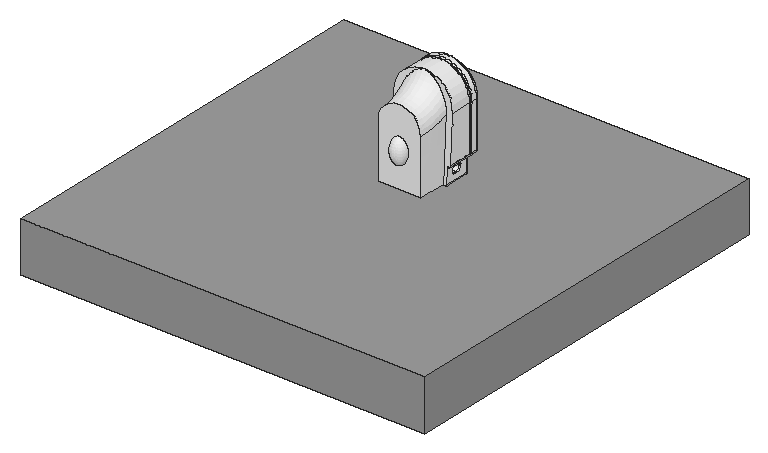
Revit family
Parameters
  Width = 355 mm  # constant formula
  Waste Connection Radius = Waste Connection Diameter / 2  # 51 mm
  Waste Connection = 1 = 1  # yes
  Vent Connection = 1 = 0  # no
  URL = "www.vaalsan.co.za"
  Seat Finish = Plastic-Vaal-White
  Product Code = "439200WH"
  Omniclass Title = "Water Operated Water Closets"
  Omniclass Number = "23.45.05.21.11.11"
  Model = "Xtacy Wall Hung Pan"
  Manufacturer = "Vaal Sanitaryware"  # constant formula
  Length = 570 mm  # constant formula
  Height Pan To Finish Floor = 430 mm
  Height = 365 mm  # constant formula
  HW Connection = 1 = 0  # no
  Family created by = "www.rbuiltcomponents.com"
  Default Elevation = 0 mm
  Cold Water Connection Diameter = 55 mm  # constant formula
  Waste Connection Diameter = 102 mm  # constant formula
  CW Connection Radius = Cold Water Connection Diameter / 2  # 27.5 mm
  CW Connection = 1 = 1  # yes
  Body Finish = Vitreous China-Vaal-White
  Assembly Code = "D2010110"
Reference planes
  plane 1 "FF": y = 0
  plane 2: z = 0
  plane 3 "Center (Left/Right)": x = 0
  plane 4: z = 0
  plane 5: y = 430
  plane 6 "45 2": through (-1219.2, -1219.2, 0) normal (-0.5, -0.5, 0.7071)
  plane 7: x = -177.5
  plane 8: x = 177.5
  plane 9: y = 65
Forms (mm)
  Extrusion 1, solid
    sketch origin (0, 0, 0) x (1, 0, 0) y (0, 1, 0)
      loop
        line (-1219.2, 1219.2) -> (-1219.2, -1219.2) -> (1219.2, -1219.2) -> (1219.2, 1219.2) -> (-1219.2, 1219.2)
    from 0 to -304.8
Lines and regions (mm)
  symbolic lines
    curve 1: line (-177.5, 0, 0) -> (177.5, 0, 0)
Dimensions and locks
  "Height Pan To Finish Floor": plane 1 "FF" to plane 5
  locked: connector elem to plane 3 "Center (Left/Right)"  (x2)
  equal spacing: plane 7, plane 3 "Center (Left/Right)", plane 8
  locked: plane 7 to plane 8 at 355
  locked: plane 9 to plane 5 at 365
  locked: plane 5 to connector elem at 63
  locked: plane 5 to connector elem at 198
  aligned and locked: plane 2 to Extrusion 1
  aligned and locked: level to Extrusion 1
  aligned and locked: plane 4 to nested 1
  aligned and locked: plane 5 to nested 1
  aligned and locked: plane 7 to curve 1
  aligned and locked: plane 8 to curve 1
  aligned and locked: plane 1 "FF" to curve 1
Automatic sketch dimensions
  Extrusion 1 sketch curve to Extrusion 1 sketch curve = 2438.4 mm  (x2)
Nested families
  nested 1: "Vaal-Xtacy_WHP" at (0, 0, 0) x (-1, 0, 0) z (0, 1, 0), type "Vaal-Xtacy_WHP"
Connectors
  piping at (0, 232, 0), driven by "Waste Connection Radius"
    settings: on Extrusion 1, index 1
  piping at (0, 367, 0), driven by "CW Connection Radius"
    settings: on Extrusion 1, index 2
Definition of nested family "Vaal-Xtacy_WHP"
  Parameters
    Waste Connection Radius = 51 mm
    Seat Finish = Plastic-Vaal-White
    Height Pan Top = 430 mm
    Default Elevation = 0 mm
    CW Connection Radius = 27.5 mm
    Body Finish = Vitreous China-Vaal-White
  Reference planes
    plane 1 "Back": y = 0
    plane 2 "Bottom": z = 0
    plane 3 "Center (Left/Right)": x = 0
    plane 4 "Top": z = 430
    plane 5 "Front": y = -570
    plane 6: y = -458
    plane 7 "Left": x = -177.5
    plane 8 "Right": x = 177.5
    plane 9: z = 65
    plane 10 "Revolve": z = 115
    plane 11: x = -127.5
    plane 12: x = 127.5
  Forms (mm)
    Revolve 1, solid, material "Vitreous China-Vaal-White" <- "Body Finish"
      sketch origin (0, 0, 15) x (0, 1, 0) y (0, 0, 1)
        loop
          line (-130, 100) -> (-295, 100)
          spline (-295, 100) -> (-292.189, 87.059) -> (-283.947, 75) -> (-270.836, 64.645) -> (-253.75, 56.699) -> (-233.853, 51.704) -> (-212.5, 50) -> (-191.147, 51.704) -> (-171.25, 56.699) -> (-154.164, 64.645) -> (-141.053, 75) -> (-132.811, 87.059) -> (-130, 100)
        axis (-130, 100) -> (-295, 100)
      angle from -90 to 90
    Extrusion 2, solid, material "Plastic-Vaal-White" <- "Seat Finish"
      sketch origin (0, 0, 430) x (-1, 0, 0) y (0, -1, 0)
        loop
          arc (167.5, 105) -> (174.571, 107.929) -> (177.5, 115) r 10
          line (177.5, 115) -> (177.5, 392.5)
          arc (177.5, 392.5) -> (0, 570) -> (-177.5, 392.5) r 177.5
          line (-177.5, 392.5) -> (-177.5, 115)
          arc (-177.5, 115) -> (-174.571, 107.929) -> (-167.5, 105) r 10
          line (-167.5, 105) -> (167.5, 105)
      from 5 to 50
    SweptBlend 3, solid, material "Vitreous China-Vaal-White" <- "Body Finish"
      path origin (0, 0, 0) x (0, 1, 0) y (0, 0, 1)
        loop
          arc (-570, 300) -> (-488.181, 223.131) -> (-458, 115) r 208.79
      profile origin (0, -570, 300) x (0, 0.463576, 0.886057) y (1, 0, 0)
        loop
          line (600, -147.5) -> (600, 147.5) -> (147.5, 147.5)
          arc (147.5, 147.5) -> (0, 0) -> (147.5, -147.5) r 147.5
          line (147.5, -147.5) -> (600, -147.5)
      end profile origin (0, -458, 115) x (1, 0, 0) y (0, 1, 0)
        loop
          line (-127.5, 600) -> (-127.5, 127.5)
          arc (-127.5, 127.5) -> (0, 0) -> (127.5, 127.5) r 127.5
          line (127.5, 127.5) -> (127.5, 600) -> (-127.5, 600)
    Extrusion 4, void
      sketch origin (0, 0, 0) x (0, 1, 0) y (0, 0, 1)
        loop
          line (0, 277.5) -> (0, 65) -> (166.668, 65) -> (197.151, 850.284) -> (-612.239, 881.702) -> (-634.737, 302.139) -> (0, 277.5)
      from -300 to 260.433
    Extrusion 5, solid, material "Vitreous China-Vaal-White" <- "Body Finish"
      sketch origin (0, 0, 430) x (-1, 0, 0) y (0, -1, 0)
        loop
          line (177.5, 115) -> (177.5, 392.5)
          arc (177.5, 392.5) -> (0, 570) -> (-177.5, 392.5) r 177.5
          line (-177.5, 392.5) -> (-177.5, 115)
          arc (-177.5, 115) -> (-174.571, 107.929) -> (-167.5, 105) r 10
          arc (-167.5, 105) -> (-160.429, 102.071) -> (-157.5, 95) r 10
          line (-157.5, 95) -> (-157.5, 10)
          arc (-157.5, 10) -> (-154.571, 2.929) -> (-147.5, 0) r 10
          line (-147.5, 0) -> (147.5, 0)
          arc (147.5, 0) -> (154.571, 2.929) -> (157.5, 10) r 10
          line (157.5, 10) -> (157.5, 95)
          arc (157.5, 95) -> (160.429, 102.071) -> (167.5, 105) r 10
          arc (167.5, 105) -> (174.571, 107.929) -> (177.5, 115) r 10
      from -165.019 to 0
    Extrusion 6, void
      sketch origin (0, 0, 0) x (0, 1, 0) y (0, 0, 1)
        loop
          line (0, 277.5) -> (-634.737, 302.139) -> (-644.046, 62.319) -> (0, 37.319) -> (0, 277.5)
      from -300 to 260.433
    Sweep 7, void
      path in 3D
        loop
          arc (-147.5, 0, 430) -> (-154.571, -2.929, 430) -> (-157.5, -10, 430) r 10
          line (-157.5, -10, 430) -> (-157.5, -95, 430)
          arc (-157.5, -95, 430) -> (-160.429, -102.071, 430) -> (-167.5, -105, 430) r 10
          arc (-167.5, -105, 430) -> (-174.571, -107.929, 430) -> (-177.5, -115, 430) r 10
          line (-177.5, -115, 430) -> (-177.5, -392.5, 430)
          arc (-177.5, -392.5, 430) -> (0, -570, 430) -> (177.5, -392.5, 430) r 177.5
          line (177.5, -392.5, 430) -> (177.5, -115, 430)
          arc (177.5, -115, 430) -> (174.571, -107.929, 430) -> (167.5, -105, 430) r 10
          arc (167.5, -105, 430) -> (160.429, -102.071, 430) -> (157.5, -95, 430) r 10
          line (157.5, -95, 430) -> (157.5, -10, 430)
          arc (157.5, -10, 430) -> (154.571, -2.929, 430) -> (147.5, 0, 430) r 10
          line (147.5, 0, 430) -> (-147.5, 0, 430)
      profile origin (0, 0, 430) x (0, -1, 0) y (0, 0, 1)
        loop
          line (0, 0) -> (0, -8)
          arc (0, -8) -> (2.343, -2.343) -> (8, 0) r 8
          line (8, 0) -> (0, 0)
    Sweep 8, void
      path in 3D
        loop
          arc (-167.5, -105, 480) -> (-174.571, -107.929, 480) -> (-177.5, -115, 480) r 10
          line (-177.5, -115, 480) -> (-177.5, -392.5, 480)
          arc (-177.5, -392.5, 480) -> (0, -570, 480) -> (177.5, -392.5, 480) r 177.5
          line (177.5, -392.5, 480) -> (177.5, -115, 480)
          arc (177.5, -115, 480) -> (174.571, -107.929, 480) -> (167.5, -105, 480) r 10
          line (167.5, -105, 480) -> (-167.5, -105, 480)
      profile origin (0, -105, 480) x (0, -1, 0) y (0, 0, 1)
        loop
          line (5, 0) -> (-2, 0) -> (-2, -45) -> (5, -45)
          arc (5, -45) -> (1.464, -43.536) -> (0, -40) r 5
          line (0, -40) -> (0, -5)
          arc (0, -5) -> (1.464, -1.464) -> (5, 0) r 5
    Sweep 9, void
      path origin (0, 0, 0) x (0, 1, 0) y (0, 0, 1)
        loop
          line (-40, 335) -> (-40, 355)
          arc (-40, 355) -> (-65, 380) -> (-90, 355) r 25
          line (-90, 355) -> (-90, 335)
          arc (-90, 335) -> (-65, 310) -> (-40, 335) r 25
      profile origin (0, -40, 345) x (0, -1, 0) y (1, 0, 0)
        loop
          arc (5, -152.5) -> (3.536, -156.036) -> (0, -157.5) r 5
          line (0, -157.5) -> (24, -157.5) -> (24, -107.5) -> (5, -107.5) -> (5, -152.5)
        loop
          line (5, 152.5) -> (5, 107.5) -> (24, 107.5) -> (24, 157.5) -> (0, 157.5)
          arc (0, 157.5) -> (3.536, 156.036) -> (5, 152.5) r 5
    Extrusion 10, void
      sketch origin (0, 0, 430) x (-1, 0, 0) y (0, -1, 0)
        loop
          line (164.387, 62.227) -> (164.387, 68.706) -> (107.5, 68.706) -> (107.5, 62.227) -> (164.387, 62.227)
        loop
          line (-164.387, 62.227) -> (-107.5, 62.227) -> (-107.5, 68.706) -> (-164.387, 68.706) -> (-164.387, 62.227)
      from -100 to -70
    Revolve 11, solid, material "Vitreous China-Vaal-White" <- "Body Finish"
      sketch origin (0, 0, 115) x (-1, 0, 0) y (0, -1, 0)
        loop
          spline (0, 135) -> (12.941, 137.556) -> (25, 145.048) -> (35.355, 156.967) -> (43.301, 172.5) -> (48.296, 190.589) -> (50, 210) -> (48.296, 229.411) -> (43.301, 247.5) -> (35.355, 263.033) -> (25, 274.952) -> (12.941, 282.444) -> (0, 285)
          line (0, 285) -> (0, 135)
        axis (0, 135) -> (0, 285)
      angle from 0 to 360
  Cuts and joins
    Extrusion 6 cuts Revolve 1
    Extrusion 4 cuts SweptBlend 3
    joined: SweptBlend 3, Revolve 11
    Extrusion 6, Sweep 7, Sweep 9, Extrusion 10 cuts Extrusion 5
    Sweep 8 cuts Extrusion 2
  Lines and regions (mm)
    Masking region 1
      outline origin (0, 0, 0) x (1, 0, 0) y (0, 1, 0)
        loop
          arc (-147.5, 0) -> (-154.571, -2.929) -> (-157.5, -10) r 10
          line (-157.5, -10) -> (-157.5, -95)
          arc (-157.5, -95) -> (-160.429, -102.071) -> (-167.5, -105) r 10
          arc (-167.5, -105) -> (-174.571, -107.929) -> (-177.5, -115) r 10
          line (-177.5, -115) -> (-177.5, -392.5)
          arc (-177.5, -392.5) -> (0, -570) -> (177.5, -392.5) r 177.5
          line (177.5, -392.5) -> (177.5, -115)
          arc (177.5, -115) -> (174.571, -107.929) -> (167.5, -105) r 10
          arc (167.5, -105) -> (160.429, -102.071) -> (157.5, -95) r 10
          line (157.5, -95) -> (157.5, -10)
          arc (157.5, -10) -> (154.571, -2.929) -> (147.5, 0) r 10
          line (147.5, 0) -> (-147.5, 0)
    Masking region 2
      outline origin (0, 0, 0) x (1, 0, 0) y (0, 0, 1)
        loop
          arc (-172.5, 480) -> (-176.036, 478.536) -> (-177.5, 475) r 5
          line (-177.5, 475) -> (-177.5, 288)
          arc (-177.5, 288) -> (-174.571, 280.929) -> (-167.5, 278) r 10
          line (-167.5, 278) -> (-147.791, 278)
          arc (-147.791, 278) -> (-140.953, 275.297) -> (-137.812, 268.649) r 10
          line (-137.812, 268.649) -> (-128.126, 119.676)
          arc (-128.126, 119.676) -> (-126.556, 116.352) -> (-123.137, 115) r 5
          line (-123.137, 115) -> (-60, 115)
          arc (-60, 115) -> (0, 65.951) -> (60, 115) r 61.223
          line (60, 115) -> (123.137, 115)
          arc (123.137, 115) -> (126.556, 116.352) -> (128.126, 119.676) r 5
          line (128.126, 119.676) -> (137.812, 268.649)
          arc (137.812, 268.649) -> (140.953, 275.297) -> (147.791, 278) r 10
          line (147.791, 278) -> (167.5, 278)
          arc (167.5, 278) -> (174.571, 280.929) -> (177.5, 288) r 10
          line (177.5, 288) -> (177.5, 475)
          arc (177.5, 475) -> (176.036, 478.536) -> (172.5, 480) r 5
          line (172.5, 480) -> (-172.5, 480)
    Masking region 3
      outline origin (0, 0, 0) x (0, 1, 0) y (0, 0, 1)
        loop
          line (0, 265) -> (0, 430) -> (-105, 430) -> (-105, 475)
          arc (-105, 475) -> (-106.464, 478.536) -> (-110, 480) r 5
          line (-110, 480) -> (-565, 480)
          arc (-565, 480) -> (-568.536, 478.536) -> (-570, 475) r 5
          line (-570, 475) -> (-570, 297.904)
          arc (-570, 297.904) -> (-569.332, 295.407) -> (-567.506, 293.577) r 5
          arc (-567.506, 293.577) -> (-491.379, 220.113) -> (-458.3, 119.623) r 220.202
          arc (-458.3, 119.623) -> (-456.714, 116.334) -> (-453.315, 115) r 5
          line (-453.315, 115) -> (-289.835, 115)
          spline (-289.835, 115) -> (-283.539, 101.338) -> (-273.756, 89.131) -> (-260.956, 78.966) -> (-245.759, 71.334) -> (-228.894, 66.603) -> (-211.176, 65) -> (-193.458, 66.603) -> (-176.593, 71.334) -> (-161.395, 78.966) -> (-148.596, 89.131) -> (-138.813, 101.338) -> (-132.517, 115)
          line (-132.517, 115) -> (0, 115) -> (0, 265)
    symbolic lines, style "Water Closet", detail levels fine
      curve 1: line (-170, -105.318, 0) -> (170, -105.318, 0)
      curve 3: line (177.5, 0, 437) -> (-177.5, 0, 437)
      curve 4: line (-60, 0, 115) -> (60, 0, 115)
      curve 5: line (0, -105, 437) -> (0, -570, 437)
      curve 8: line (0, -132.517, 115) -> (0, -289.835, 115)
      curve 33: arc (-177.482, 0, 287.736) -> (0.018, 0, 299.143) -> (177.518, 0, 287.736) r 1386.739
      curve 34: line (0, -105, 430) -> (0, -105, 282.007)
      curve 35: line (0, -37, 337.5) -> (0, -37, 352.5)
      curve 36: line (0, -92, 352.5) -> (0, -92, 337.5)
      curve 37: arc (0, -37, 352.5) -> (0, -64.5, 380) -> (0, -92, 352.5) r 27.5
      curve 38: arc (0, -37, 337.5) -> (0, -64.5, 310) -> (0, -92, 337.5) r 27.5
    symbolic lines, style "Water Closet"
      curve 2: line (177.5, 0, 430) -> (-177.5, 0, 430)
      curve 6: line (0, -570, 300.057) -> (0, 2.673, 277.828)
      curve 7: line (0, -105, 430) -> (0, -570, 430)
    symbolic lines, style "Fixing"
      curve 9: line (120, 0, 333) -> (80, 0, 333)
      curve 10: line (100, 0, 313) -> (100, 0, 353)
      curve 11: line (-120, 0, 333) -> (-80, 0, 333)
      curve 12: line (-100, 0, 313) -> (-100, 0, 353)
      curve 13: line (0, 40.236, 333) -> (0, -64.764, 333)
    reference lines
      curve 14: line (0, 0, 277.5) -> (0, -570, 299.626)
    sketch lines
      curve 15: line (147.5, 0, 430) -> (-147.5, 0, 430)
      curve 16: arc (147.5, 0, 430) -> (154.571, -2.929, 430) -> (157.5, -10, 430) r 10
      curve 17: line (157.5, -95, 430) -> (157.5, -10, 430)
      curve 18: arc (157.5, -95, 430) -> (160.429, -102.071, 430) -> (167.5, -105, 430) r 10
      curve 19: arc (167.5, -105, 430) -> (174.571, -107.929, 430) -> (177.5, -115, 430) r 10
      curve 20: line (177.5, -392.5, 430) -> (177.5, -115, 430)
      curve 21: arc (-157.5, -10, 430) -> (-154.571, -2.929, 430) -> (-147.5, 0, 430) r 10
      curve 22: line (-157.5, -10, 430) -> (-157.5, -95, 430)
      curve 23: arc (-167.5, -105, 430) -> (-160.429, -102.071, 430) -> (-157.5, -95, 430) r 10
      curve 24: arc (-177.5, -115, 430) -> (-174.571, -107.929, 430) -> (-167.5, -105, 430) r 10
      curve 25: line (-177.5, -115, 430) -> (-177.5, -392.5, 430)
      curve 26: arc (177.5, -392.5, 430) -> (0, -570, 430) -> (-177.5, -392.5, 430) r 177.5
      curve 27: line (167.5, -105, 480) -> (-167.5, -105, 480)
      curve 28: arc (-177.5, -115, 480) -> (-174.571, -107.929, 480) -> (-167.5, -105, 480) r 10
      curve 29: line (-177.5, -115, 480) -> (-177.5, -392.5, 480)
      curve 30: arc (177.5, -392.5, 480) -> (0, -570, 480) -> (-177.5, -392.5, 480) r 177.5
      curve 31: line (177.5, -392.5, 480) -> (177.5, -115, 480)
      curve 32: arc (167.5, -105, 480) -> (174.571, -107.929, 480) -> (177.5, -115, 480) r 10
  Dimensions and locks
    "Height Pan Top": plane 4 "Top" to plane 2 "Bottom"
    plane 4 "Top" to plane 2 "Bottom" = 430 mm
    Extrusion 2 sketch curve to plane 1 "Back" = 105 mm
    locked: Masking region 2 sketch curve to plane 4 "Top" at 50
    curve 12 to plane 3 "Center (Left/Right)" to curve 10 = 100 mm locked, 100 mm locked
    locked: plane 2 "Bottom" to curve 11 at 333
    locked: plane 2 "Bottom" to curve 13 at 333
    locked: plane 6 to plane 1 "Back" at 458
    locked: plane 5 "Front" to plane 1 "Back" at 570
    equal spacing: plane 7 "Left", plane 3 "Center (Left/Right)", plane 8 "Right"
    locked: plane 7 "Left" to plane 8 "Right" at 355
    plane 4 "Top" to plane 10 "Revolve" to plane 9 = 315 mm locked, 50 mm locked
    equal spacing: plane 11, plane 3 "Center (Left/Right)", plane 12
    locked: plane 11 to plane 12 at 255
    plane 4 "Top" to curve 14 = 130.374 mm
    plane 4 "Top" to curve 14 = 152.5 mm
    curve 14 to plane 10 "Revolve" = 162.5 mm
    aligned and locked: plane 1 "Back" to Masking region 1 sketch curve
    aligned and locked: curve 4 to Masking region 2
    aligned and locked: Masking region 2 to curve 4
    aligned and locked: Masking region 3 to curve 5
    aligned and locked: curve 11 to curve 9
    aligned and locked: plane 12 to SweptBlend 3 sketch curve
    aligned and locked: SweptBlend 3 sketch curve to plane 11
    aligned and locked: cut or joined group of Extrusion 6 to plane 10 "Revolve"
    aligned and locked: plane 8 "Right" to Extrusion 5 sketch curve
    aligned and locked: plane 4 "Top" to Extrusion 5
    aligned and locked: plane 7 "Left" to Extrusion 2 sketch curve
    aligned and locked: Extrusion 2 sketch curve to plane 8 "Right"
    aligned and locked: plane 7 "Left" to Masking region 1 sketch curve
    aligned and locked: Masking region 1 sketch curve to plane 8 "Right"
    aligned and locked: plane 7 "Left" to Masking region 2 sketch curve
    aligned and locked: plane 7 "Left" to curve 2
    aligned and locked: plane 8 "Right" to curve 2
    aligned and locked: plane 7 "Left" to curve 3
    aligned and locked: plane 8 "Right" to curve 3
    aligned and locked: Masking region 3 sketch curve to plane 5 "Front"
    aligned and locked: plane 10 "Revolve" to Masking region 3 sketch curve
    aligned and locked: curve 8 to plane 10 "Revolve"
    aligned and locked: plane 4 "Top" to curve 7
    aligned and locked: plane 5 "Front" to curve 5
    aligned and locked: curve 34 to Masking region 3
  Automatic sketch dimensions
    plane 7 "Left" to curve 1 = 7.5 mm
    curve 1 to plane 8 "Right" = 7.5 mm
    Revolve 1 sketch curve to plane 10 "Revolve" = 0 mm  (x2)
    Revolve 1 sketch curve to plane 6 = 163 mm
    Revolve 1 sketch curve to Revolve 1 sketch curve = 0 mm  (x2)
    Revolve 1 sketch curve to Revolve 1 sketch curve = 82.5 mm
    plane 11 to curve 11 = 7.5 mm
    curve 12 to curve 11 = 20 mm  (x2)
    curve 9 to curve 10 = 20 mm  (x2)
    curve 9 to plane 12 = 7.5 mm
    curve 10 to curve 9 = 20 mm
    curve 11 to curve 12 = 20 mm
    plane 1 "Back" to curve 13 = 64.764 mm
    curve 13 to plane 1 "Back" = 40.236 mm
    curve 14 to plane 5 "Front" = 0 mm
    curve 14 to plane 1 "Back" = 0 mm
    SweptBlend 3 sketch curve to plane 10 "Revolve" = 0 mm
    SweptBlend 3 sketch curve to plane 5 "Front" = 0 mm
    SweptBlend 3 sketch curve to plane 6 = 0 mm
    plane 5 "Front" to SweptBlend 3 sketch curve = 96.79 mm
    SweptBlend 3 sketch curve to profile plane = 127.5 mm
    SweptBlend 3 sketch curve to SweptBlend 3 sketch curve = 472.5 mm
    SweptBlend 3 sketch curve to plane 3 "Center (Left/Right)" = 0 mm
    SweptBlend 3 sketch curve to profile plane = 147.5 mm
    SweptBlend 3 sketch curve to plane 3 "Center (Left/Right)" = 147.5 mm
    SweptBlend 3 sketch curve to SweptBlend 3 sketch curve = 452.5 mm
    Extrusion 4 sketch curve to plane 1 "Back" = 0 mm
    Extrusion 4 sketch curve to plane 9 = 0 mm
    plane 5 "Front" to Extrusion 4 sketch curve = 42.239 mm
    plane 5 "Front" to Extrusion 4 sketch curve = 64.737 mm
    Extrusion 4 sketch curve to Extrusion 4 sketch curve = 166.668 mm
    Extrusion 4 sketch curve to plane 1 "Back" = 197.151 mm
    Extrusion 4 sketch curve to Extrusion 4 sketch curve = 212.5 mm
    Extrusion 5 sketch curve to plane 1 "Back" = 0 mm
    Extrusion 5 sketch curve to plane 3 "Center (Left/Right)" = 0 mm
    Extrusion 5 sketch curve to plane 8 "Right" = 10 mm
    Extrusion 5 sketch curve to Extrusion 5 sketch curve = 10 mm  (x3)
    plane 1 "Back" to Extrusion 5 sketch curve = 10 mm
    Extrusion 5 sketch curve to plane 11 = 20 mm
    Extrusion 5 sketch curve to Extrusion 5 sketch curve = 0 mm  (x3)
    Extrusion 5 sketch curve to Extrusion 5 sketch curve = 85 mm  (x2)
    Extrusion 5 sketch curve to plane 6 = 65.5 mm
    Extrusion 6 sketch curve to plane 1 "Back" = 0 mm
    plane 5 "Front" to Extrusion 6 sketch curve = 64.737 mm
    Extrusion 6 sketch curve to plane 9 = 2.681 mm
    plane 5 "Front" to Extrusion 6 sketch curve = 74.046 mm
    level to Extrusion 6 sketch curve = 37.319 mm
    Sweep 7 sketch curve to profile plane = 0 mm  (x4)
    Sweep 7 sketch curve to Sweep 7 sketch curve = 8 mm  (x3)
    Extrusion 2 sketch curve to plane 8 "Right" = 10 mm
    plane 7 "Left" to Extrusion 2 sketch curve = 10 mm
    Extrusion 2 sketch curve to plane 6 = 65.5 mm
    Sweep 8 sketch curve to profile plane = 0 mm  (x3)
    profile plane to Sweep 8 sketch curve = 2 mm
    Sweep 8 sketch curve to profile plane = 5 mm  (x2)
    Sweep 8 sketch curve to Sweep 8 sketch curve = 7 mm
    Sweep 8 sketch curve to Sweep 8 sketch curve = 0 mm  (x2)
    Sweep 8 sketch curve to Sweep 8 sketch curve = 35 mm
    plane 1 "Back" to Sweep 9 sketch curve = 90 mm
    Sweep 9 sketch curve to Sweep 9 sketch curve = 25 mm
    Sweep 9 sketch curve to plane 4 "Top" = 95 mm
    Sweep 9 sketch curve to Sweep 9 sketch curve = 20 mm
    Sweep 9 sketch curve to profile plane = 0 mm  (x4)
    Sweep 9 sketch curve to profile plane = 5 mm
    Sweep 9 sketch curve to Sweep 9 sketch curve = 5 mm  (x2)
    Sweep 9 sketch curve to Sweep 9 sketch curve = 19 mm  (x2)
    Sweep 9 sketch curve to plane 3 "Center (Left/Right)" = 157.5 mm
    Sweep 9 sketch curve to Sweep 9 sketch curve = 45 mm  (x2)
    plane 3 "Center (Left/Right)" to Sweep 9 sketch curve = 107.5 mm
    Sweep 9 sketch curve to Sweep 9 sketch curve = 0 mm
    Extrusion 10 sketch curve to plane 8 "Right" = 13.113 mm
    Extrusion 10 sketch curve to plane 12 = 20 mm
    plane 11 to Extrusion 10 sketch curve = 20 mm
    plane 7 "Left" to Extrusion 10 sketch curve = 13.113 mm
    plane 1 "Back" to Extrusion 10 sketch curve = 62.227 mm  (x2)
    Extrusion 10 sketch curve to Extrusion 10 sketch curve = 6.479 mm  (x2)
    plane 7 "Left" to Masking region 1 sketch curve = 10 mm
    plane 1 "Back" to Masking region 1 sketch curve = 10 mm
    plane 7 "Left" to Masking region 1 sketch curve = 20 mm
    plane 12 to Masking region 1 sketch curve = 20 mm
    Masking region 1 sketch curve to plane 8 "Right" = 20 mm
    Masking region 1 sketch curve to plane 8 "Right" = 10 mm
    Masking region 1 sketch curve to Masking region 1 sketch curve = 85 mm  (x2)
    Masking region 1 sketch curve to Masking region 1 sketch curve = 0 mm  (x2)
    Masking region 1 sketch curve to plane 6 = 65.5 mm
    plane 1 "Back" to curve 1 = 105.318 mm
    Masking region 2 sketch curve to plane 10 "Revolve" = 0 mm  (x2)
    Masking region 2 sketch curve to plane 3 "Center (Left/Right)" = 0 mm
    Masking region 2 sketch curve to plane 8 "Right" = 0 mm
    plane 7 "Left" to Masking region 2 sketch curve = 5 mm
    plane 7 "Left" to Masking region 2 sketch curve = 10 mm
    Masking region 2 sketch curve to Masking region 2 sketch curve = 19.709 mm
    Masking region 2 sketch curve to Masking region 2 sketch curve = 9.979 mm  (x2)
    Masking region 2 sketch curve to plane 11 = 0.626 mm
    plane 11 to Masking region 2 sketch curve = 4.363 mm
    Masking region 2 sketch curve to plane 3 "Center (Left/Right)" = 60 mm
    Masking region 2 sketch curve to plane 12 = 4.363 mm
    plane 12 to Masking region 2 sketch curve = 0.626 mm
    plane 12 to Masking region 2 sketch curve = 10.312 mm
    Masking region 2 sketch curve to plane 8 "Right" = 10 mm
    Masking region 2 sketch curve to plane 8 "Right" = 5 mm
    plane 10 "Revolve" to Masking region 2 sketch curve = 4.676 mm  (x2)
    plane 10 "Revolve" to Masking region 2 sketch curve = 12.174 mm
    Masking region 2 sketch curve to Masking region 2 sketch curve = 148.324 mm  (x2)
    Masking region 2 sketch curve to Masking region 2 sketch curve = 0.649 mm  (x2)
    curve 2 to plane 4 "Top" = 0 mm
    plane 7 "Left" to curve 33 = 0.018 mm
    plane 3 "Center (Left/Right)" to curve 33 = 0.018 mm
    plane 3 "Center (Left/Right)" to curve 4 = 60 mm
    plane 8 "Right" to curve 33 = 0.018 mm
    curve 33 to level = 1087.596 mm
    curve 33 to plane 4 "Top" = 142.264 mm
    plane 4 "Top" to curve 3 = 7 mm
    Masking region 3 sketch curve to plane 4 "Top" = 0 mm
    Masking region 3 sketch curve to plane 1 "Back" = 0 mm
    Masking region 3 sketch curve to plane 10 "Revolve" = 11.968 mm
    Masking region 3 sketch curve to plane 5 "Front" = 2.494 mm
    Masking region 3 sketch curve to Masking region 3 sketch curve = 0 mm  (x2)
    Masking region 3 sketch curve to Masking region 3 sketch curve = 2.506 mm
    Masking region 3 sketch curve to plane 5 "Front" = 5 mm
    plane 6 to Masking region 3 sketch curve = 0.3 mm
    Masking region 3 sketch curve to plane 6 = 4.685 mm
    Masking region 3 sketch curve to Masking region 3 sketch curve = 163.479 mm
    Masking region 3 sketch curve to Masking region 3 sketch curve = 78.659 mm
    plane 1 "Back" to Masking region 3 sketch curve = 110 mm
    Masking region 3 sketch curve to Masking region 3 sketch curve = 5 mm
    plane 10 "Revolve" to Masking region 3 sketch curve = 150 mm
    plane 4 "Top" to Masking region 3 sketch curve = 45 mm
    curve 6 to plane 5 "Front" = 0 mm
    curve 7 to plane 5 "Front" = 0 mm
    curve 8 to plane 6 = 168.165 mm
    plane 1 "Back" to curve 8 = 132.517 mm
    curve 7 to curve 37 = 13 mm
    curve 6 to plane 1 "Back" = 2.673 mm
    curve 6 to plane 4 "Top" = 152.172 mm
    curve 6 to curve 34 = 4.18 mm
    plane 4 "Top" to curve 5 = 7 mm
    curve 36 to curve 37 = 27.5 mm
    curve 34 to curve 36 = 55.493 mm
    curve 35 to curve 35 = 15 mm
    Revolve 11 sketch curve to plane 3 "Center (Left/Right)" = 0 mm  (x2)
    plane 1 "Back" to Revolve 11 sketch curve = 135 mm
    Revolve 11 sketch curve to Revolve 11 sketch curve = 0 mm  (x2)
    Revolve 11 sketch curve to Revolve 11 sketch curve = 75 mm
